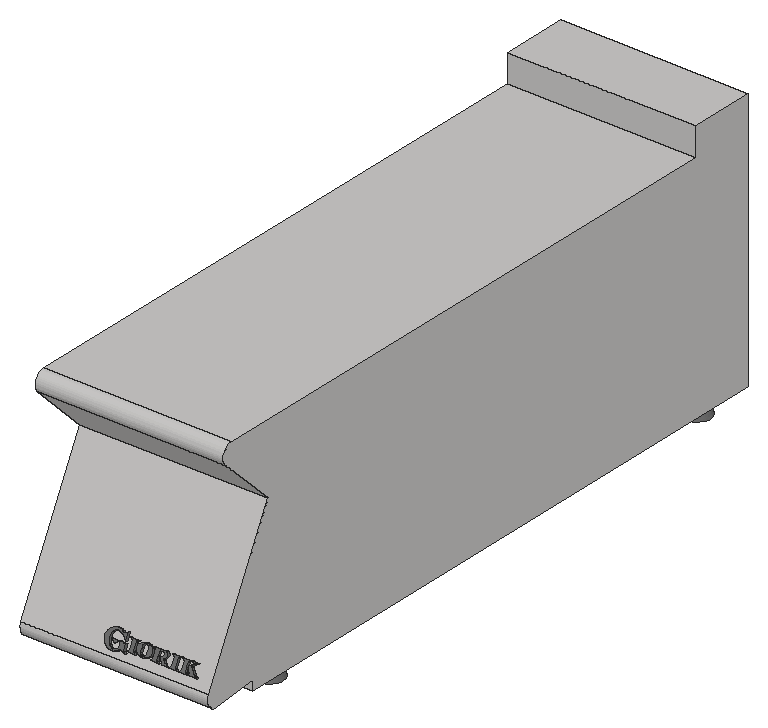
Revit family "QF_GIORIK_EN710T", category Specialty Equipment, Revit 2014
Parameters (values of type "EN710T")
  Weight in Pounds = 66.1386
  URL Cutsheet = "www.giorik.com"
  URL = "www.giorik.com"
  Status [instance] = ""
  Specification by User [instance] = ""
  Specification by Manufacturer = ""
  Show Logo [instance] = yes
  Show Clearance [instance] = yes
  Serial Number = ""
  Seismic Rating = ""
  SMACNA No = ""
  Revision Code [instance] = ""
  NAFEM Spec ID Number = ""
  Model = "EN710T"
  Masterspec = ""
  Manufacturer = "GIORIK"
  Item Number [instance] = ""
  Installed By [instance] = ""
  Identify Quantity as Lot [instance] = no
  Furnished By [instance] = ""
  Foodservice Equipment Identifier [instance] = yes
  Description = "NEUTRAL UNIT - COUNTERTOP"
  CSI MasterFormat = ""
  Assembly Code = "E1090320"
Reference planes
  plane 1 "Back": y = 0
  plane 2: z = 0
  plane 3 "Left": x = 0
  plane 4 "Right": x = 200
  plane 5 "Front": y = -720
  plane 6 "Top": z = 300
Forms (mm)
  Extrusion 1, solid, visible <- "Show Logo"
    sketch origin (-8.396, -736.761, 9.486) x (-1, 0, 0) y (0, 0.452718, 0.891654)
      loop
        line (-118.824, 58.358) -> (-127.804, 58.358) -> (-125.523, 56.445) -> (-125.523, 48.027) -> (-127.804, 46.113) -> (-118.824, 46.113) -> (-121.105, 48.027) -> (-121.105, 56.445) -> (-118.824, 58.358)
      loop
        line (-163.721, 58.358) -> (-172.7, 58.358) -> (-170.42, 56.445) -> (-170.42, 48.027) -> (-172.7, 46.113) -> (-163.721, 46.113) -> (-166.001, 48.027) -> (-166.001, 56.445) -> (-163.721, 58.358)
      loop
        line (-174.332, 58.358) -> (-183.312, 58.358) -> (-181.031, 56.445) -> (-181.031, 52.435) -> (-186.419, 56.955) -> (-184.416, 58.358) -> (-191.268, 58.358) -> (-188.01, 56.839) -> (-185.455, 54.283) -> (-190.846, 47.858) -> (-193.396, 46.93) -> (-193.396, 46.113) -> (-184.416, 46.113) -> (-185.437, 47.571) -> (-182.443, 51.552) -> (-181.031, 50.894) -> (-181.031, 48.027) -> (-183.312, 46.113) -> (-174.332, 46.113) -> (-176.613, 48.027) -> (-176.613, 56.445) -> (-174.332, 58.358)
      loop
        line (-115.429, 62.063) -> (-115.429, 54.198)
        arc (-115.429, 54.198) -> (-111.618, 57.803) -> (-106.847, 59.986) r 16.039
        arc (-106.847, 59.986) -> (-103.314, 59.837) -> (-100.512, 57.68) r 5.851
        arc (-100.512, 57.68) -> (-98.815, 52.267) -> (-100.512, 46.853) r 9.479
        arc (-100.512, 46.853) -> (-102.406, 44.986) -> (-104.846, 43.93) r 7.236
        arc (-104.846, 43.93) -> (-107.728, 44.111) -> (-110.052, 45.825) r 5.11
        line (-110.052, 45.825) -> (-110.052, 52.001) -> (-116.141, 52.001) -> (-116.141, 45.503) -> (-117.893, 43.751) -> (-114.094, 44.769)
        arc (-114.094, 44.769) -> (-112.56, 44.947) -> (-111.129, 44.366) r 3.115
        arc (-111.129, 44.366) -> (-104.216, 42.091) -> (-97.303, 44.366) r 11.641
        arc (-97.303, 44.366) -> (-93.396, 52.107) -> (-97.303, 59.849) r 9.622
        arc (-97.303, 59.849) -> (-104.369, 62.174) -> (-111.435, 59.849) r 11.898
        line (-111.435, 59.849) -> (-115.429, 62.063)
      loop
        arc (-129.234, 56.068) -> (-135.893, 58.628) -> (-142.552, 56.068) r 9.941
        arc (-142.552, 56.068) -> (-144.234, 52.286) -> (-142.552, 48.505) r 5.093
        arc (-142.552, 48.505) -> (-135.893, 45.945) -> (-129.234, 48.505) r 9.941
        arc (-129.234, 48.505) -> (-127.552, 52.286) -> (-129.234, 56.068) r 5.093
      loop
        arc (-132.628, 54.403) -> (-135.893, 57.668) -> (-139.158, 54.403) r 3.265
        line (-139.158, 54.403) -> (-139.158, 50.169)
        arc (-139.158, 50.169) -> (-135.893, 46.904) -> (-132.628, 50.169) r 3.265
        line (-132.628, 50.169) -> (-132.628, 54.403)
      loop
        arc (-156.363, 58.365) -> (-159.647, 55.081) -> (-156.363, 51.796) r 3.285
        line (-156.363, 51.796) -> (-159.529, 47.306) -> (-162.087, 46.113) -> (-155.847, 46.113) -> (-153.529, 51.083) -> (-150.637, 51.083) -> (-150.637, 47.784) -> (-153.022, 46.113) -> (-144.011, 46.113) -> (-146.094, 47.68) -> (-146.094, 56.493) -> (-144.229, 58.365) -> (-156.363, 58.365)
      loop
        line (-150.637, 57.512) -> (-153.637, 57.512)
        arc (-153.637, 57.512) -> (-156.237, 54.912) -> (-153.637, 52.312) r 2.6
        line (-153.637, 52.312) -> (-150.637, 52.312) -> (-150.637, 57.512)
      loop
        line (-108.924, 52.001) -> (-104.936, 49.005) -> (-100.948, 52.001) -> (-108.924, 52.001)
    from 1.5 to -0.5
  Extrusion 2, solid
    sketch origin (-600, 1000, -620) x (0, 1, 0) y (0, 0, 1)
      loop
        line (-1000, 919.988) -> (-1070, 919.988) -> (-1070, 889.988) -> (-1688.806, 889.988)
        arc (-1688.806, 889.988) -> (-1699.151, 883.075) -> (-1696.724, 870.873) r 11.197
        line (-1696.724, 870.873) -> (-1640.876, 815.025) -> (-1718.948, 661.258)
        arc (-1718.948, 661.258) -> (-1718.233, 650.105) -> (-1708.118, 645.354) r 10.981
        line (-1708.118, 645.354) -> (-1660, 649.925) -> (-1660, 640) -> (-1000, 640) -> (-1000, 919.988)
    from 600 to 800
  Extrusion 3, solid
    sketch origin (543.603, 45.293, -30) x (0, 1, 0) y (-1, 0, 0)
      loop
        circle (-79.293, 516.603) r 5
    from 41.965 to 50
  Revolve 4, solid
    sketch origin (27, 49.943, -600) x (0, 1, 0) y (0, 0, 1)
      loop
        line (-83.943, 611.965) -> (-94.752, 611.965) -> (-97.943, 600) -> (-83.943, 600) -> (-83.943, 611.965)
      axis (-83.943, 611.965) -> (-83.943, 600)
    angle from 0 to 360
  Extrusion 5, solid
    sketch origin (543.603, -524.707, -30) x (0, 1, 0) y (-1, 0, 0)
      loop
        circle (-79.293, 516.603) r 5
    from 41.965 to 50
  Revolve 6, solid
    sketch origin (27, -520.057, -600) x (0, 1, 0) y (0, 0, 1)
      loop
        line (-83.943, 611.965) -> (-94.752, 611.965) -> (-97.943, 600) -> (-83.943, 600) -> (-83.943, 611.965)
      axis (-83.943, 611.965) -> (-83.943, 600)
    angle from 0 to 360
  Extrusion 7, solid
    sketch origin (-343.603, 45.293, -30) x (0, 1, 0) y (-1, 0, 0)
      loop
        circle (-79.293, -516.603) r 5
    from 41.965 to 50
  Revolve 8, solid
    sketch origin (173, 49.943, -600) x (0, 1, 0) y (0, 0, -1)
      loop
        line (-83.943, -611.965) -> (-83.943, -600) -> (-97.943, -600) -> (-94.752, -611.965) -> (-83.943, -611.965)
      axis (-83.943, -611.965) -> (-83.943, -600)
    angle from 0 to 360
  Extrusion 9, solid
    sketch origin (-343.603, -524.707, -30) x (0, 1, 0) y (-1, 0, 0)
      loop
        circle (-79.293, -516.603) r 5
    from 41.965 to 50
  Revolve 10, solid
    sketch origin (173, -520.057, -600) x (0, 1, 0) y (0, 0, -1)
      loop
        line (-83.943, -611.965) -> (-83.943, -600) -> (-97.943, -600) -> (-94.752, -611.965) -> (-83.943, -611.965)
      axis (-83.943, -611.965) -> (-83.943, -600)
    angle from 0 to 360
Lines and regions (mm)
  symbolic lines, style "200-EquipBorder-2D"
    curve 1: line (0, -720, 0) -> (200, -720, 0)
    curve 2: line (200, -720, 0) -> (200, 0, 0)
    curve 3: line (200, 0, 0) -> (0, 0, 0)
    curve 4: line (0, 0, 0) -> (0, -720, 0)
  symbolic lines, style "200-EquipInternal-2D"
    curve 5: line (0, -70, 300) -> (200, -70, 300)
Dimensions and locks
  plane 3 "Left" to plane 4 "Right" = 200 mm
  plane 5 "Front" to plane 1 "Back" = 720 mm
  plane 4 "Right" to plane 3 "Left" = 200 mm
  plane 1 "Back" to plane 5 "Front" = 720 mm
  plane 6 "Top" to level = 300 mm  (x2)
  aligned and locked: level to plane 2
